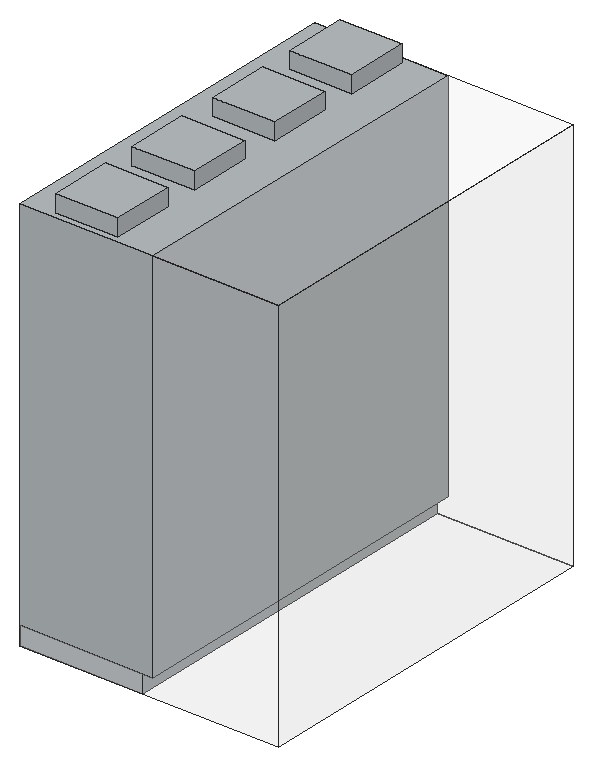
Revit family "lf-150_200x2-(f)60_60Hz", category 機械設備, Revit 2019
Family settings
  丸型コネクタ寸法 = 直径を使用
  パーツ タイプ = 標準
  OmniClass 番号 = 23.75.10.34.21
  OmniClass タイトル = Heat Exchangers for Ventilation Air
  作業面ベース = いいえ
  常に垂直 = はい
  ロード時にボイドで切り取り = いいえ
  共有 = いいえ
  部屋計算ポイント = はい
Parameters (values of type "LF-200X2-F60")
  騒音レベル(dB(A)) = 48
  風量 = 2000.0 m³/h
  面風速 = 6.17 m/s
  電源種別 [instance] = ""
  電圧 = 200 V
  電動機出力 = 0 W
  集中コントローラ = ""
  運転質量 = 0.00 kg
  連動 [instance] = ""
  質量 = if(製品質量 > 運転質量, 製品質量, 運転質量) * 1.2  # 354.00 kg
  負荷分類 = 3_ファン類
  説明 = "設備用ロスナイ 床置形 インバータ端子付"
  設計風量 = 0.0 m³/h
  設置方法 = "床置形"
  記号 [instance] = ""
  製造元 = "三菱電機株式会社"
  製品質量 = 295.00 kg
  製品出荷対象 = "国内"
  製品リリース年月 = "2018/7/25"
  製品グループ = ""
  系統 [instance] = ""
  符号 = "HEU"
  積算_科目 = "1 空気調和設備"
  積算_拾い区分 [instance] = ""
  相 = 3
  盤記号 [instance] = ""
  発停方法 [instance] = ""
  特殊仕様 [instance] = ""
  火災停止 [instance] = ""
  温度交換効率 = 75.00%
  消費電力 = 1650 W
  法定耐用年数 = "15"
  機外静圧_排気 = 330.0 Pa
  機外静圧 = 330.0 Pa
  極数 = 3
  材質 [instance] = ""
  本体固定用穴ピッチ2 = 850 mm
  本体固定用穴ピッチ1 = 550 mm
  本体固定用穴_径 = 20 mm
  本体マテリアル = 溶融亜鉛めっき鋼板
  操作・制御方式 = ""
  操作・制御スイッチ = ""
  排気量 = 0.0 m³/h
  形式 = "床置形"
  幹線記号 [instance] = ""
  対象室 [instance] = ""
  実風量 = 0.0 m³/h
  始動方式 [instance] = "直入"
  外気量 = 0.0 m³/h
  呼称 = "全熱交換ユニット"
  周波数 = 60 Hz
  参照している仕様書等のバージョン = "公共建築工事標準仕様書（機械設備工事編）平成31年度版"
  初期抵抗 = 0.0 Pa
  分類コード = "50052504100050"
  分類グループ = ""
  価格 = 3522000
  企業コード = "108420"
  付属品_フィルター_還気 = ""
  付属品_フィルター = ""
  付属品 [instance] = ""
  仕様書バージョン = "Version1.0"
  モデル = "LF-200X2-F60"
  メンテナンススペース = yes
  コメント [instance] = ""
  Keynote = ""
  エンタルピ交換効率_暖房 = 68.00%
  エンタルピ交換効率_冷房 = 65.00%
  Assembly Code = ""
  Width = 635 mm
  W1 = 585 mm
  Version = ""
  Uniclass2015Version = "Systems v1.9"
  Uniclass2015Title = "Thermal wheels"
  Uniclass2015Code = "Pr_60_60_36_88"
  URL = "https://www.mitsubishielectric.co.jp/ldg/wink/ssl/displayProduct.do?pid=294071"
  SpecificationReference = ""
  SpecificationDescription = ""
  SAサイズ_W = 298 mm
  SAサイズ_D = 298 mm
  Revision = ""
  RAサイズ_W = 298 mm
  RAサイズ_D = 298 mm
  ProductInformation = ""
  OmniClassCode = "23-27 23 19 11"
  OAサイズ_W = 298 mm
  OAサイズ_D = 298 mm
  MIN風量 = 0.0 m³/h
  MIN静圧 = 0.0 Pa
  MID風量 = 0.0 m³/h
  MID静圧 = 0.0 Pa
  MAX風量 = 2000.0 m³/h
  MAX静圧 = 330.0 Pa
  IfcTypeProduct = ""
  IfcProduct = ""
  IfcExportType = "ROTARYWHEEL"
  IfcExportAs = "IfcAirToAirHeatRecoveryType"
  Height = 1800 mm
  H1 = 90 mm
  EAサイズ_W = 298 mm
  EAサイズ_D = 298 mm
  Duct_Pitch2 = 458 mm
  Duct_Pitch1 = 479 mm
  Duct_Height = 80 mm
  Depth = 1760 mm
  D1 = 1750 mm
  Clearance Top = 0 mm
  Clearance Right = 600 mm
  Clearance Left = 0 mm
  Clearance Front = 0 mm
  Clearance Bottom = 0 mm
  Clearance Back = 0 mm
  Author = "三菱電機株式会社"
Types (4, lengths in mm): name | 騒音レベル(dB(A)) | 風量 | 面風速 | 質量 | 説明 | 製品質量 | 消費電力 | 機外静圧_排気 | 機外静圧 | 価格 | モデル | URL | MAX風量 | MAX静圧
  LF-150X2-60 | 43.5 | 1500.0 m³/h | 4.63 m/s | 348.00 kg | "設備用ロスナイ 床置形" | 290.00 kg | 1210 W | 320.0 Pa | 320.0 Pa | 2677000 | "LF-150X2-60" | "https://www.mitsubishielectric.co.jp/ldg/wink/ssl/displayProduct.do?pid=294051" | 1500.0 m³/h | 320.0 Pa
  LF-200X2-60 | 48 | 2000.0 m³/h | 6.17 m/s | 354.00 kg | "設備用ロスナイ 床置形" | 295.00 kg | 1650 W | 330.0 Pa | 330.0 Pa | 3202000 | "LF-200X2-60" | "https://www.mitsubishielectric.co.jp/ldg/wink/ssl/displayProduct.do?pid=294053" | 2000.0 m³/h | 330.0 Pa
  LF-150X2-F60 | 43.5 | 1500.0 m³/h | 4.63 m/s | 348.00 kg | "設備用ロスナイ 床置形 インバータ端子付" | 290.00 kg | 1210 W | 320.0 Pa | 320.0 Pa | 2943000 | "LF-150X2-F60" | "https://www.mitsubishielectric.co.jp/ldg/wink/ssl/displayProduct.do?pid=294070" | 1500.0 m³/h | 320.0 Pa
  LF-200X2-F60 | 48 | 2000.0 m³/h | 6.17 m/s | 354.00 kg | "設備用ロスナイ 床置形 インバータ端子付" | 295.00 kg | 1650 W | 330.0 Pa | 330.0 Pa | 3522000 | "LF-200X2-F60" | "https://www.mitsubishielectric.co.jp/ldg/wink/ssl/displayProduct.do?pid=294071" | 2000.0 m³/h | 330.0 Pa
Reference planes
  plane 1 "中心(正面/背面)": y = 0
  plane 2: z = 0
  plane 3 "中心(左/右)": x = 0
  plane 4: x = 292.5
  plane 5: x = 342.5
  plane 6: y = 880
  plane 7: y = 875
  plane 8: y = -880
  plane 9: y = -875
  plane 10: x = -292.5
  plane 11: x = -292.5
  plane 12: y = 239.5
  plane 13: y = 697.5
  plane 14: y = -239.5
  plane 15: y = -697.5
  plane 16: y = -548.5
  plane 17: y = -846.5
  plane 18: y = -90.5
  plane 19: y = -388.5
  plane 20: y = 388.5
  plane 21: y = 90.5
  plane 22: y = 846.5
  plane 23: y = 548.5
  plane 24: x = -149
  plane 25: x = 149
  plane 26: z = 90
  plane 27: z = 1890
  plane 28: z = 1970
  plane 29: y = 850
  plane 30: y = -850
  plane 31: x = -275
  plane 32: x = 275
  plane 33: x = 942.5
  plane 34: x = -292.5
  plane 35: y = 880
  plane 36: y = -880
  plane 37: z = 1890
  plane 38: z = 0
Forms (mm)
  Extrusion 1, solid, material "溶融亜鉛めっき鋼板" <- "本体マテリアル", detail levels fine
    sketch origin (0, 0, 0) x (1, 0, 0) y (0, 1, 0)
      loop
        line (-292.5, 880) -> (-292.5, -880) -> (342.5, -880) -> (342.5, 880) -> (-292.5, 880)
    from 90 to 1890
  Extrusion 2, solid, material "溶融亜鉛めっき鋼板" <- "本体マテリアル", detail levels fine
    sketch origin (0, 0, 0) x (1, 0, 0) y (0, 1, 0)
      loop
        line (-292.5, 875) -> (-292.5, -875) -> (292.5, -875) -> (292.5, 875) -> (-292.5, 875)
    from 0 to 90
  Extrusion 3, solid, material "溶融亜鉛めっき鋼板" <- "本体マテリアル", detail levels fine
    sketch origin (0, 0, 0) x (1, 0, 0) y (0, 1, 0)
      loop
        line (-149, 846.5) -> (-149, 548.5) -> (149, 548.5) -> (149, 846.5) -> (-149, 846.5)
      loop
        line (-149, 388.5) -> (-149, 90.5) -> (149, 90.5) -> (149, 388.5) -> (-149, 388.5)
      loop
        line (-149, -388.5) -> (149, -388.5) -> (149, -90.5) -> (-149, -90.5) -> (-149, -388.5)
      loop
        line (-149, -548.5) -> (-149, -846.5) -> (149, -846.5) -> (149, -548.5) -> (-149, -548.5)
    from 1890 to 1970
Lines and regions (mm)
  Masking region 1, detail levels coarse+medium
    outline origin (1331.5, 88, 0) x (1, 0, 0) y (0, 1, 0)
      loop
        line (-1624, 787) -> (-1624, -963) -> (-1039, -963) -> (-1039, 787) -> (-1624, 787)
  symbolic lines, detail levels coarse+medium
    curve 1: line (0, 875, 0) -> (-292.5, 0, 0)
    curve 2: line (-292.5, 0, 0) -> (0, -875, 0)
    curve 3: line (0, -875, 0) -> (292.5, 0, 0)
    curve 4: line (0, 875, 0) -> (292.5, 0, 0)
Dimensions and locks
  equal spacing: plane 10, plane 3 "中心(左/右)", plane 4
  "W1": plane 10 to plane 4
  "Width": plane 11 to plane 5
  equal spacing: plane 7, plane 1 "中心(正面/背面)", plane 9
  "D1": plane 7 to plane 9
  equal spacing: plane 6, plane 1 "中心(正面/背面)", plane 8
  "Depth": plane 6 to plane 8
  equal spacing: plane 12, plane 1 "中心(正面/背面)", plane 14
  "Duct_Pitch1": plane 12 to plane 14
  "Duct_Pitch2": plane 13 to plane 12
  "Duct_Pitch2": plane 15 to plane 14
  equal spacing: plane 16, plane 15, plane 17
  "SAサイズ_D": plane 16 to plane 17
  equal spacing: plane 19, plane 14, plane 18
  "RAサイズ_D": plane 19 to plane 18
  equal spacing: plane 21, plane 12, plane 20
  "OAサイズ_D": plane 21 to plane 20
  equal spacing: plane 23, plane 13, plane 22
  "EAサイズ_D": plane 23 to plane 22
  equal spacing: plane 24, plane 3 "中心(左/右)", plane 25
  "SAサイズ_W": plane 24 to plane 25
  locked: plane 11 to plane 10 at 0
  "H1": plane 26 to level
  "Height": plane 27 to plane 26
  "Duct_Height": plane 28 to plane 27
  "本体固定用穴ピッチ2": plane 1 "中心(正面/背面)" to plane 29
  "本体固定用穴ピッチ2": plane 30 to plane 1 "中心(正面/背面)"
  equal spacing: plane 31, plane 3 "中心(左/右)", plane 32
  "本体固定用穴ピッチ1": plane 31 to plane 32
  "Clearance Right": plane 5 to plane 33
  "Clearance Left": plane 34 to plane 11
  "Clearance Back": plane 35 to plane 6
  "Clearance Front": plane 8 to plane 36
  "Clearance Top": plane 37 to plane 27
  "Clearance Bottom": level to plane 38
  aligned and locked: level to plane 2
  aligned and locked: Extrusion 1 sketch curve to plane 6
  aligned and locked: plane 10 to Extrusion 1 sketch curve
  aligned and locked: Extrusion 1 sketch curve to plane 8
  aligned and locked: Extrusion 2 sketch curve to plane 7
  aligned and locked: plane 11 to Extrusion 2 sketch curve
  aligned and locked: Extrusion 2 sketch curve to plane 9
  aligned and locked: Extrusion 3 sketch curve to plane 22
  aligned and locked: plane 24 to Extrusion 3 sketch curve  (x3)
  aligned and locked: Extrusion 3 sketch curve to plane 23
  aligned and locked: plane 25 to Extrusion 3 sketch curve  (x3)
  aligned and locked: Extrusion 3 sketch curve to plane 20
  aligned and locked: Extrusion 3 sketch curve to plane 21
  aligned and locked: plane 19 to Extrusion 3 sketch curve
  aligned and locked: Extrusion 3 sketch curve to plane 24
  aligned and locked: plane 18 to Extrusion 3 sketch curve
  aligned and locked: Extrusion 3 sketch curve to plane 25
  aligned and locked: Extrusion 3 sketch curve to plane 16
  aligned and locked: Extrusion 3 sketch curve to plane 17
  aligned and locked: plane 9 to Masking region 1
  aligned and locked: Masking region 1 to plane 11
  aligned and locked: plane 7 to Masking region 1
  aligned and locked: Masking region 1 to curve 1
  aligned and locked: Masking region 1 to curve 2
  aligned and locked: plane 26 to Extrusion 2
  aligned and locked: plane 27 to Extrusion 1
  aligned and locked: Extrusion 1 to plane 26
  aligned and locked: plane 28 to Extrusion 3
  aligned and locked: Extrusion 3 to plane 27
  aligned and locked: plane 33 to nested 1
  aligned and locked: nested 1 to plane 36
  aligned and locked: nested 1 to plane 35
  aligned and locked: nested 1 to plane 37
  aligned and locked: nested 1 to plane 38
  aligned and locked: plane 9 to curve 2
  aligned and locked: plane 3 "中心(左/右)" to curve 3
  aligned and locked: plane 4 to curve 3
  aligned and locked: plane 3 "中心(左/右)" to curve 4
  aligned and locked: plane 1 "中心(正面/背面)" to curve 4
  aligned and locked: plane 30 to nested 2
  aligned and locked: plane 31 to nested 2
  aligned and locked: nested 2 to plane 32
  aligned and locked: plane 31 to nested 3
  aligned and locked: nested 3 to plane 32
  aligned and locked: plane 1 "中心(正面/背面)" to nested 3
  aligned and locked: plane 31 to nested 4
  aligned and locked: nested 4 to plane 32
  aligned and locked: nested 4 to plane 29
  aligned and locked: nested 1 to plane 34
  aligned and locked: Masking region 1 to plane 4
  aligned and locked: plane 4 to Extrusion 2 sketch curve
  aligned and locked: plane 5 to Extrusion 1 sketch curve
Automatic sketch dimensions
  plane 9 to Masking region 1 sketch curve = 0 mm
  Masking region 1 sketch curve to plane 10 = 0 mm
  plane 5 to Masking region 1 sketch curve = 50 mm
  Masking region 1 sketch curve to plane 7 = 0 mm
  plane 1 "中心(正面/背面)" to curve 1 = 0 mm
  curve 1 to plane 10 = 0 mm
  curve 4 to plane 7 = 0 mm
Nested families
  nested 1: "メンテナンススペース" at (325, 0, 945), visible <- "メンテナンススペース", type "メンテナンススペース"
    with Width 1235 mm, Height 1890 mm, Depth 1760 mm
  nested 2: "固定点" at (-275, -850, 0), type "固定点"
    with W 550 mm, D 1000 mm
  nested 3: "固定点" at (-275, 0, 0), type "固定点"
    with W 550 mm, D 1000 mm
  nested 4: "固定点" at (-275, 850, 0), type "固定点"
    with W 550 mm, D 1000 mm
Connectors
  hvac at (0, -697.5, 1970), driven by "SAサイズ_D", driven by "SAサイズ_W", driven by "機外静圧", driven by "風量"
    settings: on Extrusion 3, index 1, duct flow 2000.0 m³/h, flow factor 0, pres drop 330.0 Pa, loss coef 0, conn angle 0.00°, conn width 298 mm, conn height 298 mm, conn diameter 609.6 mm, duct sys type 1, conn prof type 1, flow config 0, flow direction 2, loss method 4, conn ref index -1, conn util no, is conn primary yes, conn desc ""
  hvac at (0, -239.5, 1970), driven by "RAサイズ_D", driven by "RAサイズ_W", driven by "機外静圧", driven by "風量"
    settings: on Extrusion 3, index 2, duct flow 2000.0 m³/h, flow factor 0, pres drop 330.0 Pa, loss coef 0, conn angle 0.00°, conn width 298 mm, conn height 298 mm, conn diameter 609.6 mm, duct sys type 2, conn prof type 1, flow config 0, flow direction 1, loss method 4, conn ref index -1, conn util no, is conn primary no, conn desc ""
  hvac at (0, 239.5, 1970), driven by "OAサイズ_D", driven by "OAサイズ_W", driven by "機外静圧", driven by "外気量"
    settings: on Extrusion 3, index 3, duct flow 0.0 m³/h, flow factor 0, pres drop 330.0 Pa, loss coef 0, conn angle 0.00°, conn width 298 mm, conn height 298 mm, conn diameter 609.6 mm, duct sys type 4, conn prof type 1, flow config 0, flow direction 1, loss method 4, conn ref index -1, conn util no, is conn primary no, conn desc ""
  hvac at (0, 697.5, 1970), driven by "EAサイズ_D", driven by "EAサイズ_W", driven by "機外静圧_排気", driven by "排気量"
    settings: on Extrusion 3, index 4, duct flow 0.0 m³/h, flow factor 0, pres drop 330.0 Pa, loss coef 0, conn angle 0.00°, conn width 298 mm, conn height 298 mm, conn diameter 609.6 mm, duct sys type 3, conn prof type 1, flow config 0, flow direction 2, loss method 4, conn ref index -1, conn util no, is conn primary no, conn desc ""
  electrical at (342.5, 0, 990), driven by "極数", driven by "負荷分類", driven by "電圧", driven by "消費電力"
    settings: on Extrusion 1, index 5, voltage 200 V, apparent load 1650 VA, apparent load phase1 0 VA, apparent load phase2 0 VA, apparent load phase3 0 VA, power factor 1, load classification "3_ファン類", number of poles 3, system type 30, power factor state 1, is connector primary yes, connector utility no, sub classification motor no, connector description ""
Definition of nested family "メンテナンススペース"
  Parameters (values of type "メンテナンススペース")
    Width [instance] = 500 mm
    Height [instance] = 500 mm
    Depth [instance] = 500 mm
  Reference planes
    plane 1 "中心(正面/背面)": y = 0
    plane 2: z = 0
    plane 3 "中心(左/右)": x = 0
    plane 4: y = -250
    plane 5: x = 250
    plane 6: y = 250
    plane 7: x = -250
    plane 8: z = 250
    plane 9: z = -250
  Forms (mm)
    Extrusion 1, solid
      sketch origin (-638.939, 0, 72.39) x (1, 0, 0) y (0, 1, 0)
        loop
          line (388.939, 250) -> (388.939, -250) -> (888.939, -250) -> (888.939, 250) -> (388.939, 250)
      from -322.39 to 177.61
  Lines and regions (mm)
    symbolic lines
      curve 1: line (-250, 0, 250) -> (250, 0, 250)
      curve 2: line (-250, 0, -250) -> (-250, 0, 250)
      curve 3: line (250, 0, -250) -> (-250, 0, -250)
      curve 4: line (250, 0, 250) -> (250, 0, -250)
      curve 5: line (0, -250, 250) -> (0, 250, 250)
      curve 6: line (0, -250, -250) -> (0, -250, 250)
      curve 7: line (0, 250, -250) -> (0, -250, -250)
      curve 8: line (0, 250, 250) -> (0, 250, -250)
      curve 9: line (-250, 250, 0) -> (250, 250, 0)
      curve 10: line (-250, -250, 0) -> (-250, 250, 0)
      curve 11: line (250, -250, 0) -> (-250, -250, 0)
      curve 12: line (250, 250, 0) -> (250, -250, 0)
  Dimensions and locks
    equal spacing: plane 7, plane 3 "中心(左/右)", plane 5
    equal spacing: plane 4, plane 1 "中心(正面/背面)", plane 6
    "Depth": plane 4 to plane 6
    "Width": plane 7 to plane 5
    equal spacing: plane 8, plane 2, plane 9
    "Height": plane 8 to plane 9
    aligned and locked: plane 9 to curve 3
    aligned and locked: plane 7 to curve 2
    aligned and locked: curve 4 to plane 5
    aligned and locked: plane 5 to Extrusion 1
    aligned and locked: Extrusion 1 to plane 7
    aligned and locked: Extrusion 1 to plane 9
    aligned and locked: plane 8 to Extrusion 1
    aligned and locked: plane 9 to curve 7
  Automatic sketch dimensions
    plane 4 to Extrusion 1 sketch curve = 0 mm
    Extrusion 1 sketch curve to plane 7 = 0 mm
    Extrusion 1 sketch curve to plane 5 = 0 mm
    plane 6 to Extrusion 1 sketch curve = 0 mm
    curve 2 to plane 8 = 0 mm
    plane 4 to curve 11 = 0 mm
    curve 11 to plane 7 = 0 mm
    curve 11 to plane 5 = 0 mm
    plane 6 to curve 10 = 0 mm
    curve 7 to plane 4 = 0 mm
    curve 7 to plane 6 = 0 mm
    curve 6 to plane 8 = 0 mm
Definition of nested family "固定点"
  Parameters (values of type "固定点")
    中心円 = 20 mm
    W [instance] = 1000 mm
    D [instance] = 1000 mm
  Reference planes
    plane 1 "中心(正面/背面)": y = 0
    plane 2: z = 0
    plane 3 "中心(左/右)": x = 0
    plane 4: x = 1000
  Lines and regions (mm)
    symbolic lines, detail levels fine
      curve 1: circle (0, 0, 0) r 10 normal (0, 0, 1)
      curve 2: circle (1000, 0, 0) r 10 normal (0, 0, 1)
      curve 3: line (-200, 0, 0) -> (1200, 0, 0)
      curve 4: line (0, 200, 0) -> (0, -200, 0)
      curve 5: line (1000, 200, 0) -> (1000, -200, 0)
  Dimensions and locks
    "W": plane 3 "中心(左/右)" to plane 4
    "中心円": diameter of curve 1
    "中心円": diameter of curve 2
    aligned and locked: level to plane 2
    aligned and locked: plane 3 "中心(左/右)" to curve 1
    aligned and locked: plane 1 "中心(正面/背面)" to curve 1
    aligned and locked: plane 1 "中心(正面/背面)" to curve 2
    aligned and locked: plane 4 to curve 2
    aligned and locked: plane 1 "中心(正面/背面)" to curve 3
    aligned and locked: curve 4 to plane 3 "中心(左/右)"
    aligned and locked: curve 5 to plane 4
  Automatic sketch dimensions
    curve 3 to plane 3 "中心(左/右)" = 200 mm
    curve 2 to curve 3 = 200 mm
    plane 1 "中心(正面/背面)" to curve 4 = 200 mm
    plane 1 "中心(正面/背面)" to curve 5 = 200 mm
    curve 5 to plane 1 "中心(正面/背面)" = 200 mm
    curve 4 to plane 1 "中心(正面/背面)" = 200 mm
